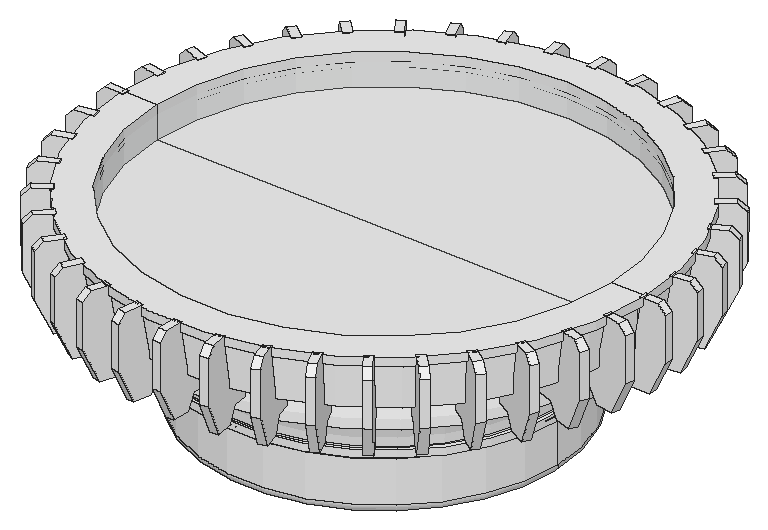
Revit family "HBLHO", category Lighting Fixtures, host Face, Revit 2021 (continued)
Definition of nested family "KHL"
  Automatic sketch dimensions
    Extrusion 37 sketch curve to Extrusion 37 sketch curve = 0.57179"
    Extrusion 37 sketch curve to Extrusion 37 sketch curve = 0.43301"
    Extrusion 37 sketch curve to Extrusion 37 sketch curve = 1.02515"
    Extrusion 37 sketch curve to Extrusion 37 sketch curve = 0.80901"
    Extrusion 37 sketch curve to Extrusion 37 sketch curve = 0.99442"
    Extrusion 37 sketch curve to Extrusion 37 sketch curve = 0.15753"
    Extrusion 38 sketch curve to Extrusion 38 sketch curve = 0.50721"
    Extrusion 38 sketch curve to Extrusion 38 sketch curve = 0.250"  (x3)
    Extrusion 38 sketch curve to Extrusion 38 sketch curve = 0.80078"
    Extrusion 38 sketch curve to Extrusion 38 sketch curve = 0.19714"
    Extrusion 38 sketch curve to Extrusion 38 sketch curve = 0.5625"
    Extrusion 38 sketch curve to Extrusion 38 sketch curve = 0.57179"
    Extrusion 38 sketch curve to Extrusion 38 sketch curve = 0.43301"
    Extrusion 38 sketch curve to Extrusion 38 sketch curve = 1.02515"
    Extrusion 38 sketch curve to Extrusion 38 sketch curve = 0.80901"
    Extrusion 38 sketch curve to Extrusion 38 sketch curve = 0.99442"
    Extrusion 38 sketch curve to Extrusion 38 sketch curve = 0.15753"
    Extrusion 39 sketch curve to Extrusion 39 sketch curve = 0.50721"
    Extrusion 39 sketch curve to Extrusion 39 sketch curve = 0.250"  (x3)
    Extrusion 39 sketch curve to Extrusion 39 sketch curve = 0.80078"
    Extrusion 39 sketch curve to Extrusion 39 sketch curve = 0.19714"
    Extrusion 39 sketch curve to Extrusion 39 sketch curve = 0.5625"
    Extrusion 39 sketch curve to Extrusion 39 sketch curve = 0.57179"
    Extrusion 39 sketch curve to Extrusion 39 sketch curve = 0.43301"
    Extrusion 39 sketch curve to Extrusion 39 sketch curve = 1.02515"
    Extrusion 39 sketch curve to Extrusion 39 sketch curve = 0.80901"
    Extrusion 39 sketch curve to Extrusion 39 sketch curve = 0.99442"
    Extrusion 39 sketch curve to Extrusion 39 sketch curve = 0.15753"
    Extrusion 40 sketch curve to Extrusion 40 sketch curve = 0.50721"
    Extrusion 40 sketch curve to Extrusion 40 sketch curve = 0.250"  (x3)
    Extrusion 40 sketch curve to Extrusion 40 sketch curve = 0.80078"
    Extrusion 40 sketch curve to Extrusion 40 sketch curve = 0.19714"
    Extrusion 40 sketch curve to Extrusion 40 sketch curve = 0.5625"
    Extrusion 40 sketch curve to Extrusion 40 sketch curve = 0.57179"
    Extrusion 40 sketch curve to Extrusion 40 sketch curve = 0.43301"
    Extrusion 40 sketch curve to Extrusion 40 sketch curve = 1.02515"
    Extrusion 40 sketch curve to Extrusion 40 sketch curve = 0.80901"
    Extrusion 40 sketch curve to Extrusion 40 sketch curve = 0.99442"
    Extrusion 40 sketch curve to Extrusion 40 sketch curve = 0.15753"
    Extrusion 41 sketch curve to Extrusion 41 sketch curve = 0.50721"
    Extrusion 41 sketch curve to Extrusion 41 sketch curve = 0.250"  (x3)
    Extrusion 41 sketch curve to Extrusion 41 sketch curve = 0.80078"
    Extrusion 41 sketch curve to Extrusion 41 sketch curve = 0.19714"
    Extrusion 41 sketch curve to Extrusion 41 sketch curve = 0.5625"
    Extrusion 41 sketch curve to Extrusion 41 sketch curve = 0.57179"
    Extrusion 41 sketch curve to Extrusion 41 sketch curve = 0.43301"
    Extrusion 41 sketch curve to Extrusion 41 sketch curve = 1.02515"
    Extrusion 41 sketch curve to Extrusion 41 sketch curve = 0.80901"
    Extrusion 41 sketch curve to Extrusion 41 sketch curve = 0.99442"
    Extrusion 41 sketch curve to Extrusion 41 sketch curve = 0.15753"
    Extrusion 42 sketch curve to Extrusion 42 sketch curve = 0.50721"
    Extrusion 42 sketch curve to Extrusion 42 sketch curve = 0.250"  (x3)
    Extrusion 42 sketch curve to Extrusion 42 sketch curve = 0.80078"
    Extrusion 42 sketch curve to Extrusion 42 sketch curve = 0.19714"
    Extrusion 42 sketch curve to Extrusion 42 sketch curve = 0.5625"
    Extrusion 42 sketch curve to Extrusion 42 sketch curve = 0.57179"
    Extrusion 42 sketch curve to Extrusion 42 sketch curve = 0.43301"
    Extrusion 42 sketch curve to Extrusion 42 sketch curve = 1.02515"
    Extrusion 42 sketch curve to Extrusion 42 sketch curve = 0.80901"
    Extrusion 42 sketch curve to Extrusion 42 sketch curve = 0.99442"
    Extrusion 42 sketch curve to Extrusion 42 sketch curve = 0.15753"
    Extrusion 43 sketch curve to Extrusion 43 sketch curve = 0.50721"
    Extrusion 43 sketch curve to Extrusion 43 sketch curve = 0.250"  (x3)
    Extrusion 43 sketch curve to Extrusion 43 sketch curve = 0.80078"
    Extrusion 43 sketch curve to Extrusion 43 sketch curve = 0.19714"
    Extrusion 43 sketch curve to Extrusion 43 sketch curve = 0.5625"
    Extrusion 43 sketch curve to Extrusion 43 sketch curve = 0.57179"
    Extrusion 43 sketch curve to Extrusion 43 sketch curve = 0.43301"
    Extrusion 43 sketch curve to Extrusion 43 sketch curve = 1.02515"
    Extrusion 43 sketch curve to Extrusion 43 sketch curve = 0.80901"
    Extrusion 43 sketch curve to Extrusion 43 sketch curve = 0.99442"
    Extrusion 43 sketch curve to Extrusion 43 sketch curve = 0.15753"
    Revolve 2 sketch curve to plane 3 "Center (Left/Right)" = 0.000"  (x2)
    Revolve 2 sketch curve to plane 8 = 0.1875"
    Revolve 2 sketch curve to plane 4 = 0.000"
    level to Revolve 2 sketch curve = 0.250"
    plane 8 to Revolve 2 sketch curve = 0.250"
    Revolve 2 sketch curve to Revolve 2 sketch curve = 0.18132"
    Revolve 2 sketch curve to plane 8 = 0.29677"
    Revolve 2 sketch curve to plane 8 = 0.32044"
    plane 6 to Revolve 2 sketch curve = 0.41781"
    plane 6 to Revolve 2 sketch curve = 0.2151"
    plane 6 to Revolve 2 sketch curve = 0.04698"
    plane 6 to Revolve 2 sketch curve = 0.01615"
    Revolve 2 sketch curve to plane 4 = 0.25493"
    Revolve 2 sketch curve to plane 6 = 0.78125"
    Revolve 2 sketch curve to Revolve 2 sketch curve = 0.250"
    Revolve 2 sketch curve to Revolve 2 sketch curve = 0.22746"
    Revolve 2 sketch curve to Revolve 2 sketch curve = 0.05014"
    Revolve 2 sketch curve to Revolve 2 sketch curve = 0.07308"
    Revolve 2 sketch curve to Revolve 2 sketch curve = 0.56496"
    Revolve 2 sketch curve to level = 4.500"
    plane 4 to Revolve 2 sketch curve = 2.500"
